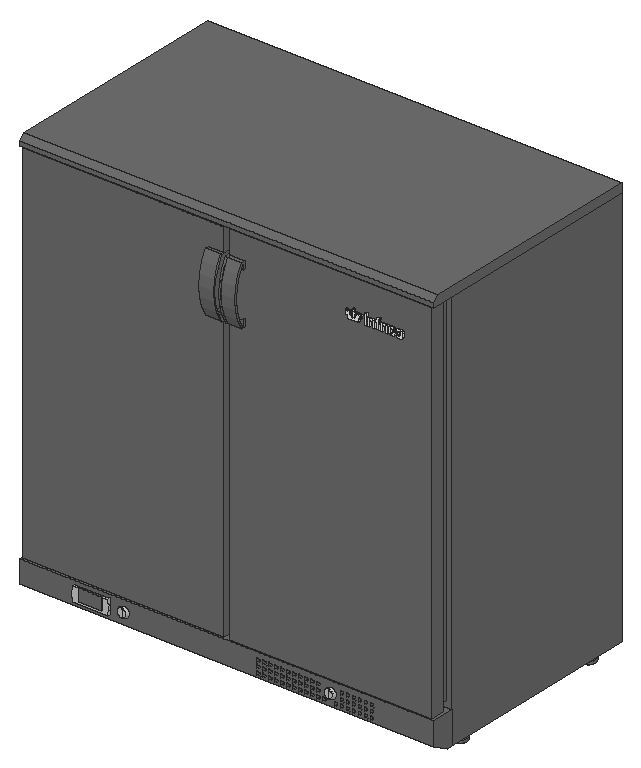
Revit family "QF_INFRICO_ERV25PP_250806024016", category Specialty Equipment, Revit 2021
Family settings
  Round Connector Dimension = Use Diameter
  Part Type = Normal
  OmniClass Number = 23.40.40.14
  OmniClass Title = Food Service Equipment
  Work Plane-Based = No
  Always vertical = Yes
  Cut with Voids When Loaded = No
  Shared = No
  Room Calculation Point = No
Parameters (values of type "ERV25PP")
  Weight [instance] = 82.9983 kg
  Warranty Start Date [instance] = ""
  Warranty Duration [instance] = ""
  Volts [instance] = 230 V
  Volt Free Conn [instance] = no
  URL Recommended Spares List [instance] = ""
  URL Manufacturer [instance] = ""
  URL Cutsheet [instance] = ""
  URL Critical Spares List [instance] = ""
  URL = "www.infrico.com"
  Technical Documentation [instance] = ""
  Tag Number [instance] = ""
  Status [instance] = ""
  Start Up Current [instance] = 0 A
  Specification by User [instance] = ""
  Specification by Manufacturer [instance] = ""
  Sound Level [instance] = ""
  Show Logo [instance] = yes
  Show Clearances [instance] = yes
  Service Life Duration [instance] = ""
  Serial Number [instance] = ""
  Seismic Rating [instance] = ""
  SMACNA No [instance] = ""
  Revision Code [instance] = ""
  Revision [instance] = ""
  Production Year [instance] = ""
  Potential Equalisation [instance] = no
  Point Load [instance] = 0
  Phase [instance] = 1
  Other Equipment Approvals [instance] = ""
  Operational Current [instance] = 0 A
  Number of Poles [instance] = 2
  No Load Power Draw [instance] = no
  NAFEM Spec ID Number [instance] = ""
  Model Warning [instance] = ""
  Model = "ERV25PP"
  Min Ckt Ampacity [instance] = 0 A
  Max Overcurrent Protection [instance] = 0 A
  Masterspec [instance] = ""
  Manufacturer = "INFRICO"
  Main switch integrated [instance] = no
  Length Actual [instance] = 899.922 mm
  Item Number [instance] = ""
  Installed By [instance] = ""
  Installation Date [instance] = ""
  Identify Quantity as Lot [instance] = no
  ID [instance] = ""
  Hygiene Approval [instance] = ""
  Height Actual [instance] = 919.988 mm
  HP power [instance] = ""
  Furnished By [instance] = ""
  Foodservice Equipment Identifier [instance] = no
  FL Amps [instance] = 0 A
  Electrical Remarks [instance] = ""
  Electric power [instance] = 260 W
  Electric Connection Type [instance] = ""
  Elec Conn RI Height [instance] = 0 mm
  Elec Conn Connection Height [instance] = 0 mm
  ETL Approved [instance] = no
  Description = "BACK-BAR 920 MM HEIGHT - TWO DOORS - R290"
  Depth Actual [instance] = 510.032 mm
  Default Elevation = 0 mm
  Cycle [instance] = 50 Hz
  Cost = 0
  Connection to energy optimisation system [instance] = yes
  Conn Plug [instance] = ""
  Conn Conduit [instance] = no
  Centralized building control system with digital interface [instance] = ""
  CSI MasterFormat [instance] = ""
  CE Approved [instance] = no
  Barcode [instance] = 0
  Author [instance] = ""
  Asset Identifier [instance] = ""
  Apparent Power [instance] = 260 VA
  Accessory [instance] = no
Reference planes
  plane 1 "Center (Front/Back)": y = 0
  plane 2: z = 0
  plane 3 "Center (Left/Right)": x = 0
Forms (mm)
  Extrusion 1, solid, not visible
    sketch origin (400.02, -2, 35.002) x (1, 0, 0) y (0, 1, 0)
      loop
        line (-2, 2) -> (-2, -2) -> (2, -2) -> (2, 2) -> (-2, 2)
    from -2 to 2
Dimensions and locks
  locked: Extrusion 1 to nested 2
  locked: nested 2 to Extrusion 1 at 2
  aligned and locked: level to plane 2
Nested families
  nested 1: "QF_INFRICO_ERV25PP_2920" at (0, 0, 0), type "ERV25PP"
    with Weight 82.9983 kg, Warranty Start Date "", Warranty Duration "", URL Cutsheet "", Technical Documentation "", Tag Number "", Status "", Specification by User "", Specification by Manufacturer "", Sound Level "", Solid Fuel Type "", Show Logo yes, Show Clearances yes, Show Clearance yes, Service Life Duration "", Serial Number "", Seismic Rating "", SMACNA No "", Revision Code "", Revision "", Production Year "", Point Load 0, Other Equipment Approvals "", NAFEM Spec ID Number "", Model Warning "", Masterspec "", Length Actual 899.922 mm, Item Number "", Installed By "", Installation Date "", Identify Quantity as Lot yes, ID "", Hygiene Approval "", Height Actual 919.988 mm, Furnished By "", Foodservice Equipment Identifier yes, ETL Approved yes, Depth Actual 510.032 mm, CSI MasterFormat "", CE Approved no, Barcode "", Author "", Asset Identifier "", Accessory no
  nested 2: "CONN_POINT_ELE_2D___Generic_Annotation" at (400.02, 0, 35.002), type "CONN_POINT_ELE_2D___Generic_Annotation"
    with Onboard connection annotation symbol visibility yes
Connectors
  electrical at (400.02, 0, 35.002), driven by "Apparent Power", driven by "Number of Poles", driven by "Volts"
    settings: on Extrusion 1, index 1, voltage 230 V, apparent load 0 VA, apparent load phase1 260 VA, apparent load phase2 0 VA, apparent load phase3 0 VA, power factor 1, load classification "Other", number of poles 2, system type 31, power factor state 1, is connector primary yes, connector utility no, sub classification motor no, connector description "Electrical connection for ERV25PP"
Definition of nested family "QF_INFRICO_ERV25PP_2920"
  Parameters (values of type "ERV25PP")
    Weight [instance] = 0.00 kg
    Warranty Start Date [instance] = ""
    Warranty Duration [instance] = ""
    URL Cutsheet [instance] = ""
    URL = "www.infrico.com"
    Technical Documentation [instance] = ""
    Tag Number [instance] = ""
    Status [instance] = ""
    Specification by User [instance] = ""
    Specification by Manufacturer [instance] = ""
    Sound Level [instance] = ""
    Solid Fuel Type [instance] = ""
    Show Logo [instance] = yes
    Show Clearances [instance] = yes
    Show Clearance [instance] = yes
    Service Life Duration [instance] = ""
    Serial Number [instance] = ""
    Seismic Rating [instance] = ""
    SMACNA No [instance] = ""
    Revision Code [instance] = ""
    Revision [instance] = ""
    Production Year [instance] = ""
    Point Load [instance] = 0
    Other Equipment Approvals [instance] = ""
    NAFEM Spec ID Number [instance] = ""
    Model Warning [instance] = ""
    Model = "ERV25PP"
    Masterspec [instance] = ""
    Manufacturer = "INFRICO"
    Length Actual [instance] = 0 mm
    Item Number [instance] = ""
    Installed By [instance] = ""
    Installation Date [instance] = ""
    Identify Quantity as Lot [instance] = yes
    ID [instance] = ""
    Hygiene Approval [instance] = ""
    Height Actual [instance] = 0 mm
    Furnished By [instance] = ""
    Foodservice Equipment Identifier [instance] = yes
    ETL Approved [instance] = yes
    Description = "BACK-BAR 920 MM HEIGHT - TWO DOORS - R290"
    Depth Actual [instance] = 0 mm
    Default Elevation = 0 mm
    CSI MasterFormat [instance] = ""
    CE Approved [instance] = yes
    Barcode [instance] = ""
    Author [instance] = ""
    Asset Identifier [instance] = ""
    Assembly Code = "E1090320"
    Accessory [instance] = yes
  Reference planes
    plane 1 "Back": y = 0
    plane 2: z = 0
    plane 3 "Left": x = 0
    plane 4 "Right": x = 900
    plane 5 "Front": y = -510
    plane 6 "Top": z = 920
  Forms (mm)
    Extrusion 1, solid
      sketch origin (0, 0, -18) x (0, 1, 0) y (0, 0, 1)
        loop
          line (0, 905) -> (-460, 905) -> (-460, 30) -> (0, 30) -> (0, 905)
      from 0 to 30
    Extrusion 2, solid
      sketch origin (0, 0, -13) x (0, 1, 0) y (0, 0, 1)
        loop
          line (0, 900) -> (0, 920) -> (-500, 920) -> (-510, 910) -> (-510, 900) -> (0, 900)
      from 0 to 900
    Extrusion 3, solid
      sketch origin (870, 0, -18) x (0, 1, 0) y (0, 0, 1)
        loop
          line (0, 905) -> (-460, 905) -> (-460, 30) -> (0, 30) -> (0, 905)
      from 0 to 30
    Extrusion 4, solid
      sketch origin (0, 0, -13) x (1, 0, 0) y (0, 0, 1)
        loop
          line (30, 900) -> (30, 254) -> (870, 254) -> (870, 900) -> (30, 900)
      from 0 to 12
    Extrusion 5, solid
      sketch origin (0, 0, -13) x (1, 0, 0) y (0, 0, 1)
        loop
          line (30, 254) -> (30, 25) -> (870, 25) -> (870, 254) -> (30, 254)
      from 0 to 12
    Extrusion 6, solid
      sketch origin (0, 0, -13) x (0, 1, 0) y (0, 0, 1)
        loop
          line (-12, 25) -> (-12, 35) -> (-460, 35) -> (-460, 25) -> (-12, 25)
      from 30 to 870
    Extrusion 7, solid
      sketch origin (0, 0, -112) x (0, 1, 0) y (0, 0, 1)
        loop
          line (-460, 144) -> (-510, 144) -> (-473, 124) -> (-460, 124) -> (-460, 144)
      from 0 to 900
    Extrusion 8, solid
      sketch origin (-856, -515, -482) x (1, 0, 0) y (0, 0, -1)
        loop
          arc (974, -555) -> (1012.5, -557) -> (1051, -555) r 371.563
          arc (1051, -555) -> (1052, -539) -> (1051, -523) r 128.5
          arc (1051, -523) -> (1012.5, -521) -> (974, -523) r 371.563
          arc (974, -523) -> (973, -539) -> (974, -555) r 128.5
      from 0 to 5
    Extrusion 9, solid
      sketch origin (-856, -515.1, -482) x (1, 0, 0) y (0, 0, -1)
        loop
          line (1038, -528.124) -> (987, -528.124) -> (987, -556.124)
          arc (987, -556.124) -> (1012.5, -557) -> (1038, -556.124) r 371.563
          line (1038, -556.124) -> (1038, -528.124)
      from 0 to 2
    Extrusion 10, solid
      sketch origin (452, -480, -13) x (1, 0, 0) y (0, 0, 1)
        loop
          line (5, 897.5) -> (5, 97.5) -> (443, 97.5) -> (443, 897.5) -> (5, 897.5)
      from 0 to 30
    Extrusion 11, solid
      sketch origin (-548, -460, -13) x (1, 0, 0) y (0, 0, 1)
        loop
          line (1015, 887.5) -> (1015, 107.5) -> (1433, 107.5) -> (1433, 887.5) -> (1015, 887.5)
        loop
          line (1037, 865.5) -> (1037, 129.5) -> (1411, 129.5) -> (1411, 865.5) -> (1037, 865.5)
      from 0 to 20
    Extrusion 12, solid, visible <- "Show Logo"
      sketch origin (-453.231, -510, 106.214) x (1, 0, 0) y (0, 0, 1)
        loop
          line (1208.799, 696.53) -> (1208.799, 719.204) -> (1204.173, 719.204) -> (1204.173, 696.53) -> (1208.799, 696.53)
        loop
          line (1214.779, 713.006) -> (1211.283, 713.006) -> (1211.283, 696.53) -> (1215.772, 696.53) -> (1215.772, 707.832)
          arc (1215.772, 707.832) -> (1217.528, 708.741) -> (1219.417, 709.324) r 11.052
          arc (1219.417, 709.324) -> (1220.929, 708.961) -> (1221.598, 707.557) r 1.806
          line (1221.598, 707.557) -> (1221.598, 696.53) -> (1226.121, 696.53) -> (1226.121, 708.689)
          arc (1226.121, 708.689) -> (1224.637, 712.075) -> (1221.141, 713.281) r 4.607
          arc (1221.141, 713.281) -> (1218.282, 712.674) -> (1215.669, 711.361) r 11.435
          line (1215.669, 711.361) -> (1215.601, 712.184)
          arc (1215.601, 712.184) -> (1215.36, 712.765) -> (1214.779, 713.006) r 0.822
        loop
          line (1238.557, 720.102) -> (1237.306, 720.102)
          arc (1237.306, 720.102) -> (1235.052, 719.926) -> (1232.881, 719.297) r 11.103
          arc (1232.881, 719.297) -> (1230.805, 717.616) -> (1230.024, 715.062) r 4.567
          line (1230.024, 715.062) -> (1230.024, 712.909) -> (1227.351, 712.703) -> (1227.351, 709.374) -> (1230.024, 709.374) -> (1230.024, 696.53) -> (1234.547, 696.53) -> (1234.547, 709.374) -> (1238.249, 709.374) -> (1238.249, 712.938) -> (1234.547, 712.938) -> (1234.547, 714.548)
          arc (1234.547, 714.548) -> (1234.956, 715.705) -> (1236.045, 716.271) r 1.67
          line (1236.045, 716.271) -> (1237.7, 716.399)
          arc (1237.7, 716.399) -> (1238.306, 716.65) -> (1238.557, 717.255) r 0.857
          line (1238.557, 717.255) -> (1238.557, 720.102)
        loop
          line (1239.479, 713.006) -> (1239.479, 696.53) -> (1243.968, 696.53) -> (1243.968, 707.352)
          arc (1243.968, 707.352) -> (1245.873, 708.631) -> (1248.077, 709.268) r 7.435
          line (1248.077, 709.268) -> (1249.241, 709.416)
          arc (1249.241, 709.416) -> (1249.643, 709.758) -> (1249.793, 710.265) r 0.928
          line (1249.793, 710.265) -> (1249.793, 712.458)
          arc (1249.793, 712.458) -> (1249.531, 713.061) -> (1248.912, 713.28) r 0.824
          arc (1248.912, 713.28) -> (1246.197, 712.588) -> (1243.899, 710.984) r 7.833
          line (1243.899, 710.984) -> (1243.726, 713.006) -> (1239.479, 713.006)
        loop
          line (1255.495, 696.53) -> (1255.495, 713.006) -> (1251.006, 713.006) -> (1251.006, 696.53) -> (1255.495, 696.53)
        loop
          arc (1257.421, 701.327) -> (1258.567, 698.188) -> (1261.466, 696.525) r 4.873
          arc (1261.466, 696.525) -> (1264.493, 696.266) -> (1267.521, 696.525) r 17.816
          arc (1267.521, 696.525) -> (1270.575, 699.134) -> (1271.505, 703.041) r 6.481
          line (1271.505, 703.041) -> (1267.187, 703.041) -> (1267.187, 701.67)
          arc (1267.187, 701.67) -> (1266.64, 700.452) -> (1265.442, 699.865) r 1.965
          arc (1265.442, 699.865) -> (1264.547, 699.816) -> (1263.653, 699.865) r 8.196
          arc (1263.653, 699.865) -> (1262.417, 700.415) -> (1261.91, 701.67) r 1.806
          line (1261.91, 701.67) -> (1261.91, 707.9)
          arc (1261.91, 707.9) -> (1262.417, 709.155) -> (1263.653, 709.705) r 1.806
          arc (1263.653, 709.705) -> (1264.547, 709.754) -> (1265.442, 709.705) r 8.196
          arc (1265.442, 709.705) -> (1266.64, 709.118) -> (1267.187, 707.9) r 1.965
          line (1267.187, 707.9) -> (1267.187, 706.838) -> (1271.505, 706.838)
          arc (1271.505, 706.838) -> (1270.524, 710.556) -> (1267.521, 712.959) r 6.132
          arc (1267.521, 712.959) -> (1264.493, 713.294) -> (1261.466, 712.959) r 13.851
          arc (1261.466, 712.959) -> (1258.571, 711.349) -> (1257.421, 708.243) r 4.772
          line (1257.421, 708.243) -> (1257.421, 701.327)
        loop
          arc (1272.916, 701.329) -> (1273.993, 698.345) -> (1276.726, 696.734) r 4.676
          arc (1276.726, 696.734) -> (1278.515, 696.455) -> (1280.318, 696.291) r 28.371
          arc (1280.318, 696.291) -> (1282.122, 696.455) -> (1283.911, 696.734) r 28.371
          arc (1283.911, 696.734) -> (1286.644, 698.345) -> (1287.72, 701.329) r 4.676
          line (1287.72, 701.329) -> (1287.72, 708.242)
          arc (1287.72, 708.242) -> (1286.644, 711.226) -> (1283.911, 712.837) r 4.676
          arc (1283.911, 712.837) -> (1282.122, 713.116) -> (1280.318, 713.28) r 28.371
          arc (1280.318, 713.28) -> (1278.515, 713.116) -> (1276.726, 712.837) r 28.371
          arc (1276.726, 712.837) -> (1273.993, 711.226) -> (1272.916, 708.242) r 4.676
          line (1272.916, 708.242) -> (1272.916, 701.329)
        loop
          line (1277.405, 707.866) -> (1277.405, 701.705)
          arc (1277.405, 701.705) -> (1277.844, 700.556) -> (1278.936, 699.991) r 1.725
          arc (1278.936, 699.991) -> (1279.627, 699.918) -> (1280.318, 699.856) r 46.133
          arc (1280.318, 699.856) -> (1281.01, 699.918) -> (1281.701, 699.991) r 46.133
          arc (1281.701, 699.991) -> (1282.793, 700.556) -> (1283.231, 701.705) r 1.725
          line (1283.231, 701.705) -> (1283.231, 707.866)
          arc (1283.231, 707.866) -> (1282.793, 709.015) -> (1281.701, 709.58) r 1.725
          arc (1281.701, 709.58) -> (1281.01, 709.653) -> (1280.318, 709.716) r 46.133
          arc (1280.318, 709.716) -> (1279.627, 709.653) -> (1278.936, 709.58) r 46.133
          arc (1278.936, 709.58) -> (1277.844, 709.015) -> (1277.405, 707.866) r 1.725
        loop
          arc (1190.339, 696.543) -> (1191.411, 696.987) -> (1191.856, 698.059) r 1.516
          line (1191.856, 698.059) -> (1191.856, 703.891) -> (1196.035, 703.891)
          arc (1196.035, 703.891) -> (1196.79, 704.121) -> (1197.218, 704.782) r 1.147
          line (1197.218, 704.782) -> (1197.218, 706.211)
          arc (1197.218, 706.211) -> (1196.787, 707.258) -> (1195.719, 707.634) r 1.385
          line (1195.719, 707.634) -> (1194.52, 707.634) -> (1197.218, 710.332)
          arc (1197.218, 710.332) -> (1197.605, 711.266) -> (1197.218, 712.2) r 1.321
          line (1197.218, 712.2) -> (1196.495, 712.923)
          arc (1196.495, 712.923) -> (1195.54, 713.338) -> (1194.558, 712.991) r 1.422
          line (1194.558, 712.991) -> (1191.853, 710.286) -> (1191.853, 711.479)
          arc (1191.853, 711.479) -> (1191.443, 712.516) -> (1190.435, 712.992) r 1.516
          line (1190.435, 712.992) -> (1189.514, 712.992)
          arc (1189.514, 712.992) -> (1188.511, 712.514) -> (1188.103, 711.479) r 1.516
          line (1188.103, 711.479) -> (1188.103, 706.83) -> (1182.073, 701.336) -> (1182.073, 707.509) -> (1185.639, 711.075)
          arc (1185.639, 711.075) -> (1186.053, 712.073) -> (1185.639, 713.071) r 1.412
          line (1185.639, 713.071) -> (1184.987, 713.723)
          arc (1184.987, 713.723) -> (1183.939, 714.141) -> (1182.915, 713.667) r 1.428
          line (1182.915, 713.667) -> (1182.073, 712.825) -> (1182.073, 717.784)
          arc (1182.073, 717.784) -> (1181.658, 718.787) -> (1180.655, 719.203) r 1.418
          line (1180.655, 719.203) -> (1179.726, 719.203)
          arc (1179.726, 719.203) -> (1178.723, 718.787) -> (1178.308, 717.784) r 1.418
          line (1178.308, 717.784) -> (1178.308, 712.825) -> (1177.466, 713.667)
          arc (1177.466, 713.667) -> (1176.442, 714.141) -> (1175.394, 713.723) r 1.428
          line (1175.394, 713.723) -> (1174.742, 713.071)
          arc (1174.742, 713.071) -> (1174.328, 712.073) -> (1174.742, 711.075) r 1.412
          line (1174.742, 711.075) -> (1178.308, 707.509) -> (1178.308, 701.336) -> (1172.278, 706.83) -> (1172.278, 711.479)
          arc (1172.278, 711.479) -> (1171.87, 712.514) -> (1170.867, 712.992) r 1.516
          line (1170.867, 712.992) -> (1169.946, 712.992)
          arc (1169.946, 712.992) -> (1168.938, 712.516) -> (1168.528, 711.479) r 1.516
          line (1168.528, 711.479) -> (1168.528, 710.286) -> (1165.823, 712.991)
          arc (1165.823, 712.991) -> (1164.841, 713.338) -> (1163.886, 712.923) r 1.422
          line (1163.886, 712.923) -> (1163.163, 712.2)
          arc (1163.163, 712.2) -> (1162.776, 711.266) -> (1163.163, 710.332) r 1.321
          line (1163.163, 710.332) -> (1165.861, 707.634) -> (1164.662, 707.634)
          arc (1164.662, 707.634) -> (1163.594, 707.258) -> (1163.163, 706.211) r 1.385
          line (1163.163, 706.211) -> (1163.163, 704.782)
          arc (1163.163, 704.782) -> (1163.591, 704.121) -> (1164.346, 703.891) r 1.147
          line (1164.346, 703.891) -> (1168.525, 703.891) -> (1168.525, 698.059)
          arc (1168.525, 698.059) -> (1168.969, 696.987) -> (1170.042, 696.543) r 1.516
          line (1170.042, 696.543) -> (1190.339, 696.543)
      from 0 to 2
    Extrusion 13, solid
      sketch origin (-548, -510, -63) x (1, 0, 0) y (0, 0, 1)
        loop
          line (1005, 897.5) -> (1005, 895.5) -> (1037, 880.5) -> (1037, 897.5) -> (1005, 897.5)
      from 0 to 3
    Extrusion 14, solid
      sketch origin (-548, -510, 1602) x (1, 0, 0) y (0, 0, 1)
        loop
          line (1005, -897.5) -> (1037, -897.5) -> (1037, -880.5) -> (1005, -895.5) -> (1005, -897.5)
      from 0 to 3
    Extrusion 15, solid
      sketch origin (-548, 0, -13) x (0, 1, 0) y (0, 0, 1)
        loop
          line (-513, 845.5) -> (-513, 847.5) -> (-518.104, 847.5)
          arc (-518.104, 847.5) -> (-537.038, 782.5) -> (-518.104, 717.5) r 121.038
          line (-518.104, 717.5) -> (-513, 717.5) -> (-513, 719.5) -> (-517, 719.5)
          arc (-517, 719.5) -> (-535.038, 782.5) -> (-517, 845.5) r 119.038
          line (-517, 845.5) -> (-513, 845.5)
      from 1005 to 1037
    Extrusion 16, solid
      sketch origin (-548, 0, 584.5) x (1, 0, 0) y (0, 1, 0)
        loop
          line (1005, -513) -> (1005, -487) -> (1002, -490) -> (1002, -513) -> (1005, -513)
      from 120 to 250
    Extrusion 17, solid
      sketch origin (-548, 0, -13) x (0, 1, 0) y (0, 0, 1)
        loop
          line (-513, 847.5) -> (-518.104, 847.5)
          arc (-518.104, 847.5) -> (-537.038, 782.5) -> (-518.104, 717.5) r 121.038
          line (-518.104, 717.5) -> (-513, 717.5) -> (-513, 847.5)
      from 1002 to 1005
    Revolve 18, solid
      sketch origin (15, -70, 0) x (0, 1, 0) y (0, 0, 1)
        loop
          line (0, 0) -> (0, 12) -> (-5, 12) -> (-5, 9.5) -> (-13, 9.5)
          arc (-13, 9.5) -> (-14.414, 8.914) -> (-15, 7.5) r 2
          line (-15, 7.5) -> (-15, 2.5) -> (-12, 2.5) -> (-12, 0) -> (0, 0)
        axis (0, 0) -> (0, 12)
      angle from 0 to 360
    Revolve 19, solid
      sketch origin (15, -420, 0) x (0, 1, 0) y (0, 0, 1)
        loop
          line (0, 0) -> (0, 12) -> (-5, 12) -> (-5, 9.5) -> (-13, 9.5)
          arc (-13, 9.5) -> (-14.414, 8.914) -> (-15, 7.5) r 2
          line (-15, 7.5) -> (-15, 2.5) -> (-12, 2.5) -> (-12, 0) -> (0, 0)
        axis (0, 0) -> (0, 12)
      angle from 0 to 360
    Revolve 20, solid
      sketch origin (885, -70, 0) x (0, 1, 0) y (0, 0, 1)
        loop
          line (0, 0) -> (0, 12) -> (-5, 12) -> (-5, 9.5) -> (-13, 9.5)
          arc (-13, 9.5) -> (-14.414, 8.914) -> (-15, 7.5) r 2
          line (-15, 7.5) -> (-15, 2.5) -> (-12, 2.5) -> (-12, 0) -> (0, 0)
        axis (0, 0) -> (0, 12)
      angle from 0 to 360
    Revolve 21, solid
      sketch origin (885, -420, 0) x (0, 1, 0) y (0, 0, 1)
        loop
          line (0, 0) -> (0, 12) -> (-5, 12) -> (-5, 9.5) -> (-13, 9.5)
          arc (-13, 9.5) -> (-14.414, 8.914) -> (-15, 7.5) r 2
          line (-15, 7.5) -> (-15, 2.5) -> (-12, 2.5) -> (-12, 0) -> (0, 0)
        axis (0, 0) -> (0, 12)
      angle from 0 to 360
    Revolve 22, solid
      sketch origin (225, 0, 13.5) x (0, 1, 0) y (0, 0, 1)
        loop
          line (-515, 34.5) -> (-510, 32) -> (-510, 43.5) -> (-515, 43.5) -> (-515, 34.5)
        axis (-510, 43.5) -> (-515, 43.5)
      angle from 0 to 360
    Revolve 23, solid
      sketch origin (675, 0, 13.5) x (0, 1, 0) y (0, 0, -1)
        loop
          line (-515, -34.5) -> (-515, -43.5) -> (-510, -43.5) -> (-510, -32) -> (-515, -34.5)
        axis (-510, -43.5) -> (-515, -43.5)
      angle from 0 to 360
    Extrusion 24, solid
      sketch origin (0, 0, 0) x (0, 1, 0) y (0, 0, 1)
        loop
          line (-460, 887) -> (-460, 837) -> (-458, 837) -> (-458, 887) -> (-460, 887)
      from 30 to 870
    Extrusion 25, solid
      sketch origin (0, 0, -815) x (0, 1, 0) y (0, 0, 1)
        loop
          line (-460, 947) -> (-460, 837) -> (-458, 837) -> (-458, 947) -> (-460, 947)
      from 30 to 870
    Extrusion 26, solid
      sketch origin (-412, 0, 1312) x (1, 0, 0) y (0, 1, 0)
        loop
          line (887, -460) -> (887, -458) -> (837, -458) -> (837, -460) -> (887, -460)
      from -1180 to -475
    Extrusion 27, solid
      sketch origin (448, -480, -13) x (-1, 0, 0) y (0, 0, -1)
        loop
          line (5, -897.5) -> (443, -897.5) -> (443, -97.5) -> (5, -97.5) -> (5, -897.5)
      from 0 to 30
    Extrusion 28, solid
      sketch origin (1448, -460, -13) x (-1, 0, 0) y (0, 0, -1)
        loop
          line (1015, -887.5) -> (1433, -887.5) -> (1433, -107.5) -> (1015, -107.5) -> (1015, -887.5)
        loop
          line (1037, -865.5) -> (1411, -865.5) -> (1411, -129.5) -> (1037, -129.5) -> (1037, -865.5)
      from 0 to 20
    Extrusion 29, solid
      sketch origin (1448, -510, -63) x (-1, 0, 0) y (0, 0, -1)
        loop
          line (1005, -897.5) -> (1037, -897.5) -> (1037, -880.5) -> (1005, -895.5) -> (1005, -897.5)
      from 0 to 3
    Extrusion 30, solid
      sketch origin (1448, -510, 1602) x (-1, 0, 0) y (0, 0, -1)
        loop
          line (1005, 897.5) -> (1005, 895.5) -> (1037, 880.5) -> (1037, 897.5) -> (1005, 897.5)
      from 0 to 3
    Extrusion 31, solid
      sketch origin (1448, 0, -13) x (0, 1, 0) y (0, 0, -1)
        loop
          line (-513, -845.5) -> (-517, -845.5)
          arc (-517, -845.5) -> (-535.038, -782.5) -> (-517, -719.5) r 119.038
          line (-517, -719.5) -> (-513, -719.5) -> (-513, -717.5) -> (-518.104, -717.5)
          arc (-518.104, -717.5) -> (-537.038, -782.5) -> (-518.104, -847.5) r 121.038
          line (-518.104, -847.5) -> (-513, -847.5) -> (-513, -845.5)
      from 1005 to 1037
    Extrusion 32, solid
      sketch origin (1448, 0, 584.5) x (-1, 0, 0) y (0, -1, 0)
        loop
          line (1005, 513) -> (1002, 513) -> (1002, 490) -> (1005, 487) -> (1005, 513)
      from 120 to 250
    Extrusion 33, solid
      sketch origin (1448, 0, -13) x (0, 1, 0) y (0, 0, -1)
        loop
          line (-513, -847.5) -> (-513, -717.5) -> (-518.104, -717.5)
          arc (-518.104, -717.5) -> (-537.038, -782.5) -> (-518.104, -847.5) r 121.038
          line (-518.104, -847.5) -> (-513, -847.5)
      from 1002 to 1005
    Extrusion 34, solid, visible <- "Show Clearance", detail levels coarse
      sketch origin (0, 0, 0) x (1, 0, 0) y (0, 1, 0)
        loop
          line (5, -510) -> (5, -918) -> (35, -918)
          arc (35, -918) -> (323.5, -798.5) -> (443, -510) r 408
          line (443, -510) -> (5, -510)
      from 84.5 to 884.5
    Extrusion 35, solid, visible <- "Show Clearance", detail levels coarse
      sketch origin (900, 0, 0) x (-1, 0, 0) y (0, -1, 0)
        loop
          line (5, 510) -> (443, 510)
          arc (443, 510) -> (323.5, 798.5) -> (35, 918) r 408
          line (35, 918) -> (5, 918) -> (5, 510)
      from 84.5 to 884.5
    Extrusion 36, solid
      sketch origin (-1000, 0, 0) x (1, 0, 0) y (0, 0, 1)
        loop
          line (1000, 82) -> (1000, 32) -> (1900, 32) -> (1900, 82) -> (1000, 82)
        loop
          line (1515, 70) -> (1515, 62) -> (1523, 62) -> (1523, 70) -> (1515, 70)
        loop
          line (1528, 70) -> (1528, 62) -> (1536, 62) -> (1536, 70) -> (1528, 70)
        loop
          line (1541, 70) -> (1541, 62) -> (1549, 62) -> (1549, 70) -> (1541, 70)
        loop
          line (1554, 70) -> (1554, 62) -> (1562, 62) -> (1562, 70) -> (1554, 70)
        loop
          line (1567, 70) -> (1567, 62) -> (1575, 62) -> (1575, 70) -> (1567, 70)
        loop
          line (1580, 70) -> (1580, 62) -> (1588, 62) -> (1588, 70) -> (1580, 70)
        loop
          line (1593, 70) -> (1593, 62) -> (1601, 62) -> (1601, 70) -> (1593, 70)
        loop
          line (1606, 70) -> (1606, 62) -> (1614, 62) -> (1614, 70) -> (1606, 70)
        loop
          line (1619, 70) -> (1619, 62) -> (1627, 62) -> (1627, 70) -> (1619, 70)
        loop
          line (1632, 70) -> (1632, 62) -> (1640, 62) -> (1640, 70) -> (1632, 70)
        loop
          line (1645, 70) -> (1645, 62) -> (1653, 62) -> (1653, 70) -> (1645, 70)
        loop
          line (1515, 57) -> (1515, 49) -> (1523, 49) -> (1523, 57) -> (1515, 57)
        loop
          line (1528, 57) -> (1528, 49) -> (1536, 49) -> (1536, 57) -> (1528, 57)
        loop
          line (1541, 57) -> (1541, 49) -> (1549, 49) -> (1549, 57) -> (1541, 57)
        loop
          line (1554, 57) -> (1554, 49) -> (1562, 49) -> (1562, 57) -> (1554, 57)
        loop
          line (1567, 57) -> (1567, 49) -> (1575, 49) -> (1575, 57) -> (1567, 57)
        loop
          line (1580, 57) -> (1580, 49) -> (1588, 49) -> (1588, 57) -> (1580, 57)
        loop
          line (1593, 57) -> (1593, 49) -> (1601, 49) -> (1601, 57) -> (1593, 57)
        loop
          line (1606, 57) -> (1606, 49) -> (1614, 49) -> (1614, 57) -> (1606, 57)
        loop
          line (1619, 57) -> (1619, 49) -> (1627, 49) -> (1627, 57) -> (1619, 57)
        loop
          line (1632, 57) -> (1632, 49) -> (1640, 49) -> (1640, 57) -> (1632, 57)
        loop
          line (1645, 57) -> (1645, 49) -> (1653, 49) -> (1653, 57) -> (1645, 57)
        loop
          line (1515, 44) -> (1515, 36) -> (1523, 36) -> (1523, 44) -> (1515, 44)
        loop
          line (1528, 44) -> (1528, 36) -> (1536, 36) -> (1536, 44) -> (1528, 44)
        loop
          line (1541, 44) -> (1541, 36) -> (1549, 36) -> (1549, 44) -> (1541, 44)
        loop
          line (1554, 44) -> (1554, 36) -> (1562, 36) -> (1562, 44) -> (1554, 44)
        loop
          line (1567, 44) -> (1567, 36) -> (1575, 36) -> (1575, 44) -> (1567, 44)
        loop
          line (1580, 44) -> (1580, 36) -> (1588, 36) -> (1588, 44) -> (1580, 44)
        loop
          line (1593, 44) -> (1593, 36) -> (1601, 36) -> (1601, 44) -> (1593, 44)
        loop
          line (1606, 44) -> (1606, 36) -> (1614, 36) -> (1614, 44) -> (1606, 44)
        loop
          line (1619, 44) -> (1619, 36) -> (1627, 36) -> (1627, 44) -> (1619, 44)
        loop
          line (1632, 44) -> (1632, 36) -> (1640, 36) -> (1640, 44) -> (1632, 44)
        loop
          line (1645, 44) -> (1645, 36) -> (1653, 36) -> (1653, 44) -> (1645, 44)
        loop
          line (1658, 44) -> (1658, 36) -> (1666, 36) -> (1666, 44) -> (1658, 44)
        loop
          line (1692, 44) -> (1684, 44) -> (1684, 36) -> (1692, 36) -> (1692, 44)
        loop
          line (1770, 70) -> (1762, 70) -> (1762, 62) -> (1770, 62) -> (1770, 70)
        loop
          line (1757, 70) -> (1749, 70) -> (1749, 62) -> (1757, 62) -> (1757, 70)
        loop
          line (1744, 70) -> (1736, 70) -> (1736, 62) -> (1744, 62) -> (1744, 70)
        loop
          line (1731, 70) -> (1723, 70) -> (1723, 62) -> (1731, 62) -> (1731, 70)
        loop
          line (1718, 70) -> (1710, 70) -> (1710, 62) -> (1718, 62) -> (1718, 70)
        loop
          line (1705, 70) -> (1697, 70) -> (1697, 62) -> (1705, 62) -> (1705, 70)
        loop
          line (1770, 57) -> (1762, 57) -> (1762, 49) -> (1770, 49) -> (1770, 57)
        loop
          line (1757, 57) -> (1749, 57) -> (1749, 49) -> (1757, 49) -> (1757, 57)
        loop
          line (1744, 57) -> (1736, 57) -> (1736, 49) -> (1744, 49) -> (1744, 57)
        loop
          line (1731, 57) -> (1723, 57) -> (1723, 49) -> (1731, 49) -> (1731, 57)
        loop
          line (1718, 57) -> (1710, 57) -> (1710, 49) -> (1718, 49) -> (1718, 57)
        loop
          line (1705, 57) -> (1697, 57) -> (1697, 49) -> (1705, 49) -> (1705, 57)
        loop
          line (1770, 44) -> (1762, 44) -> (1762, 36) -> (1770, 36) -> (1770, 44)
        loop
          line (1757, 44) -> (1749, 44) -> (1749, 36) -> (1757, 36) -> (1757, 44)
        loop
          line (1744, 44) -> (1736, 44) -> (1736, 36) -> (1744, 36) -> (1744, 44)
        loop
          line (1731, 44) -> (1723, 44) -> (1723, 36) -> (1731, 36) -> (1731, 44)
        loop
          line (1718, 44) -> (1710, 44) -> (1710, 36) -> (1718, 36) -> (1718, 44)
        loop
          line (1705, 44) -> (1697, 44) -> (1697, 36) -> (1705, 36) -> (1705, 44)
      from 460 to 510
  Cuts and joins
    joined: Extrusion 13, Extrusion 14, Extrusion 15, Extrusion 16, Extrusion 17
    joined: Extrusion 29, Extrusion 30, Extrusion 31, Extrusion 32, Extrusion 33
    joined: Extrusion 24, Extrusion 25, Extrusion 26
    joined: Extrusion 7, Extrusion 36
  Lines and regions (mm)
    symbolic lines
      curve 1: line (0, 0, 0) -> (900, 0, 0)
      curve 2: line (0, -510, 0) -> (0, 0, 0)
      curve 3: line (900, -510, 0) -> (0, -510, 0)
      curve 4: line (900, 0, 0) -> (900, -510, 0)
      curve 5: line (0, -500, 0) -> (900, -500, 0)
    symbolic lines, visible <- "Show Clearance"
      curve 6: line (5, -510, 0) -> (5, -918, 0)
      curve 7: line (5, -918, 0) -> (35, -918, 0)
      curve 8: arc (35, -918, 0) -> (323.5, -798.5, 0) -> (443, -510, 0) r 408
      curve 9: arc (457, -510, 0) -> (576.5, -798.5, 0) -> (865, -918, 0) r 408
      curve 10: line (865, -918, 0) -> (895, -918, 0)
      curve 11: line (895, -918, 0) -> (895, -510, 0)
  Dimensions and locks
    plane 1 "Back" to plane 5 "Front" = 510 mm  (x2)
    plane 3 "Left" to plane 4 "Right" = 900 mm
    plane 6 "Top" to level = 920 mm  (x2)
    plane 4 "Right" to plane 3 "Left" = 900 mm
    aligned and locked: level to plane 2
Definition of nested family "CONN_POINT_ELE_2D___Generic_Annotation"
  Parameters (values of type "CONN_POINT_ELE_2D___Generic_Annotation")
    Onboard connection annotation symbol visibility [instance] = yes
  Reference planes
    plane 1: y = 0
    plane 2: x = 0
  Lines and regions (mm)
    detail lines, visible <- "Onboard connection annotation symbol visibility"
      curve 1: circle (0, 0, 0) r 0.5 normal (0, 0, 1)
      curve 2: line (-1, 0, 0) -> (1, 0, 0)
      curve 3: line (0, 1, 0) -> (0, -1, 0)
      curve 4: line (2.5, 1, 0) -> (1.25, 1, 0)
      curve 5: line (1.25, 1, 0) -> (1.25, -1, 0)
      curve 6: line (1.25, -1, 0) -> (2.5, -1, 0)
      curve 7: line (1.25, 0, 0) -> (2, 0, 0)
